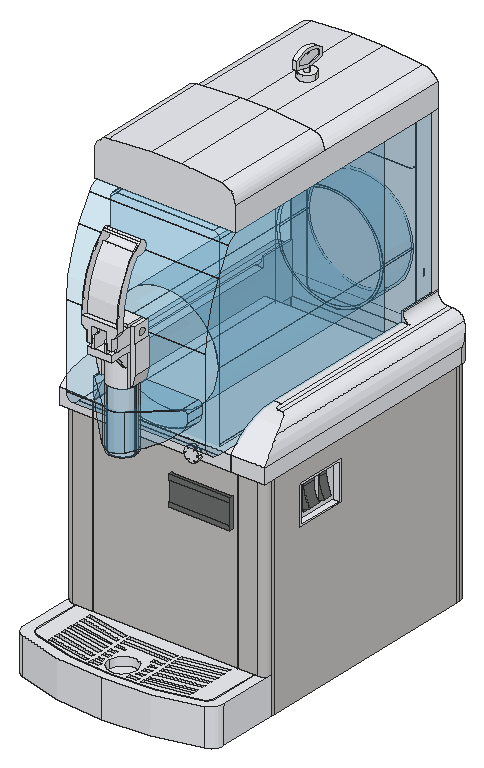
Revit family "QF_ELECTROLUXPROFESSIONAL_560096_SP1New", category Specialty Equipment, Revit 2018
Family settings
  Round Connector Dimension = Use Diameter
  Part Type = Normal
  Work Plane-Based = No
  Always vertical = Yes
  Cut with Voids When Loaded = No
  Shared = No
  Room Calculation Point = No
Parameters (values of type "Standard")
  Weight = 28.00 kg
  Watts = 0 W
  Volts = 220 V
  URL Manufacturer = "http://professional.electrolux.com"
  URL = "http://professional.electrolux.com"
  Steam Supply Size = 0 mm
  Steam Supply Minimum Pressure = 0.0 Pa
  Steam Supply Maximum Pressure = 0.0 Pa
  Steam Pounds per Hour = 0
  Refrigeration Suction Line Size = 0 mm
  Refrigeration Liquid Line Size = 0 mm
  Refrigerant Compressor Remote = yes
  Manufacturer = "Electrolux Professional"
  Phase = 1
  Model = "SP1New"
  Length Actual = 262 mm  # constant formula
  Item Number = "560096"
  Hot Water Size = 0 mm
  Height Actual = 613 mm  # constant formula
  HP = "0.5 HP"
  Gas Size = 0 mm
  Gas KW = 0
  Gas Input Pressure = 0 W
  Direct Waste Size = 0 mm
  Description = "1x5 LITERS BOWL - FROZEN GRANITA AND FROZEN CREAM DISPENSER -  1 INSULATED BOWL"
  Depth Actual = 429 mm  # constant formula
  Cycle = 50 Hz
  Condensate Return Size = 0 mm
  Compressed Air Volume = 0.0 L/s
  Compressed Air Size = 0 mm
  Compressed Air Pressure = 0.0 Pa
  Cold Water Size = 0 mm
  Accessory = yes
Reference planes
  plane 1 "Center (Front/Back)": y = 0
  plane 2 "BASE": z = 0
  plane 3 "Center (Left/Right)": x = 0
  plane 4 "FEET": z = 14
  plane 5 "BACK": y = 212
  plane 6 "LEFT": x = -131
  plane 7 "RIGHT": x = 131
  plane 8: y = 169
  plane 9: y = -118.5
  plane 10 "Erogatore": through (0, -232.305, 334.252) normal (0, -0.5736, 0.8192)
  plane 11: y = -81
  plane 12 "BackButton": z = 362.798
  plane 13 "SlopeBack": through (0, 294.5, 470.764) normal (0, 0.9659, 0.2588)
  plane 14 "TOP": z = 640
  plane 15 "FRONT": y = -216
Forms (mm)
  Extrusion 1, solid, material "QF_Finishes_Rubber Black"
    sketch origin (-29, 0, 0) x (1, 0, 0) y (0, 1, 0)
      loop
        circle (-71, 169) r 12.5
    from 0 to 3
  Blend 2, solid
    base sketch origin (-29, 0, 0) x (1, 0, 0) y (0, 1, 0)
      loop
        circle (-71, 169) r 15.5
    top sketch origin (-29, 0, 0) x (1, 0, 0) y (0, 1, 0)
      loop
        circle (-71, 169) r 17
    from 3 to 14
  Extrusion 3, solid, material "QF_Finishes_Rubber Black"
    sketch origin (171, 0, 0) x (1, 0, 0) y (0, 1, 0)
      loop
        circle (-71, 169) r 12.5
    from 0 to 3
  Blend 4, solid
    base sketch origin (171, 0, 0) x (1, 0, 0) y (0, 1, 0)
      loop
        circle (-71, 169) r 15.5
    top sketch origin (171, 0, 0) x (1, 0, 0) y (0, 1, 0)
      loop
        circle (-71, 169) r 17
    from 3 to 14
  Extrusion 5, solid, material "QF_Finishes_Rubber Black"
    sketch origin (171, -267.5, 0) x (1, 0, 0) y (0, 1, 0)
      loop
        circle (-71, 186.5) r 12.5
    from 0 to 3
  Blend 6, solid
    base sketch origin (171, -267.5, 0) x (1, 0, 0) y (0, 1, 0)
      loop
        circle (-71, 186.5) r 15.5
    top sketch origin (171, -267.5, 0) x (1, 0, 0) y (0, 1, 0)
      loop
        circle (-71, 186.5) r 17
    from 3 to 14
  Extrusion 7, solid, material "QF_Finishes_Rubber Black"
    sketch origin (-29, -267.5, 0) x (1, 0, 0) y (0, 1, 0)
      loop
        circle (-71, 186.5) r 12.5
    from 0 to 3
  Blend 8, solid
    base sketch origin (-29, -267.5, 0) x (1, 0, 0) y (0, 1, 0)
      loop
        circle (-71, 186.5) r 15.5
    top sketch origin (-29, -267.5, 0) x (1, 0, 0) y (0, 1, 0)
      loop
        circle (-71, 186.5) r 17
    from 3 to 14
  Extrusion 9, solid, material "Glass"
    sketch origin (0, 212, 0) x (-1, 0, 0) y (0, 0, 1)
      loop
        circle (0, 394.542) r 65
      loop
        circle (0, 394.542) r 68
    from -59.276 to -10
  Extrusion 10, solid, material "QF_Finishes_White"
    sketch origin (0.189, -212, -123.048) x (-1, 0, 0) y (0, 0, 1)
      loop
        line (41.631, 426.74) -> (42.799, 423.85)
        arc (42.799, 423.85) -> (41.998, 423.46) -> (41.26, 422.962) r 6.382
        line (41.26, 422.962) -> (39.342, 425.418)
        arc (39.342, 425.418) -> (36.964, 422.682) -> (35.784, 419.255) r 9.498
        line (35.784, 419.255) -> (38.87, 418.821)
        arc (38.87, 418.821) -> (38.808, 417.933) -> (38.87, 417.045) r 6.382
        line (38.87, 417.045) -> (35.784, 416.611)
        arc (35.784, 416.611) -> (36.964, 413.184) -> (39.342, 410.449) r 9.498
        line (39.342, 410.449) -> (41.26, 412.904)
        arc (41.26, 412.904) -> (41.998, 412.406) -> (42.799, 412.016) r 6.382
        line (42.799, 412.016) -> (41.631, 409.127)
        arc (41.631, 409.127) -> (45.189, 408.435) -> (48.747, 409.127) r 9.498
        line (48.747, 409.127) -> (47.58, 412.016)
        arc (47.58, 412.016) -> (48.38, 412.406) -> (49.118, 412.904) r 6.382
        line (49.118, 412.904) -> (51.037, 410.449)
        arc (51.037, 410.449) -> (53.415, 413.184) -> (54.595, 416.611) r 9.498
        line (54.595, 416.611) -> (51.509, 417.045)
        arc (51.509, 417.045) -> (51.571, 417.933) -> (51.509, 418.821) r 6.382
        line (51.509, 418.821) -> (54.595, 419.255)
        arc (54.595, 419.255) -> (53.415, 422.682) -> (51.037, 425.418) r 9.498
        line (51.037, 425.418) -> (49.118, 422.962)
        arc (49.118, 422.962) -> (48.38, 423.46) -> (47.58, 423.85) r 6.382
        line (47.58, 423.85) -> (48.747, 426.74)
        arc (48.747, 426.74) -> (45.189, 427.431) -> (41.631, 426.74) r 9.498
    from 86.951 to 91.847
  Extrusion 11, solid, material "QF_Finishes_White"
    sketch origin (0, 48.357, 801) x (-1, 0, 0) y (0, -1, 0)
      loop
        circle (0, 226.958) r 15.5
    from -371.98 to -493
  Extrusion 12, solid, material "Glass"
    sketch origin (0, 48.357, 801) x (-1, 0, 0) y (0, -1, 0)
      loop
        circle (0, 226.958) r 18
      loop
        circle (0, 226.958) r 16
    from -413.102 to -493
  Extrusion 13, solid, material "QF_Finishes_White"
    sketch origin (0, 48.357, 801) x (-1, 0, 0) y (0, -1, 0)
      loop
        arc (-15.227, 216.452) -> (0, 208.458) -> (15.227, 216.452) r 18.5
        line (15.227, 216.452) -> (15.227, 237.464)
        arc (15.227, 237.464) -> (0, 245.458) -> (-15.227, 237.464) r 18.5
        line (-15.227, 237.464) -> (-15.227, 216.452)
    from -371.98 to -413.102
  Extrusion 14, solid, material "QF_Finishes_White"
    sketch origin (0, 55.382, 805.556) x (-1, 0, 0) y (0, -1, 0)
      loop
        line (15.227, 271.382) -> (-15.227, 271.382) -> (-15.227, 213.658) -> (15.227, 213.658) -> (15.227, 271.382)
    from -368.017 to -376.536
  Extrusion 15, solid, material "QF_Finishes_White"
    sketch origin (0, 53.382, -125.444) x (0, 1, 0) y (0, 0, 1)
      loop
        line (-261.382, 594.51) -> (-261.382, 596.294)
        arc (-261.382, 596.294) -> (-255.05, 633.384) -> (-236.771, 666.272) r 111.793
        arc (-236.771, 666.272) -> (-224.219, 671.737) -> (-234.339, 680.956) r 8.155
        arc (-234.339, 680.956) -> (-260.275, 642.108) -> (-269.382, 596.294) r 119.793
        line (-269.382, 596.294) -> (-269.382, 594.51) -> (-261.382, 594.51)
    from 23.02 to -23.02
  Extrusion 16, void
    sketch origin (0, -212, -130.102) x (-1, 0, 0) y (0, 0, 1)
      loop
        line (-23.02, 594.51) -> (-23.02, 567.641) -> (-15.227, 567.641) -> (-15.227, 586.659)
        arc (-15.227, 586.659) -> (-20.449, 589.269) -> (-23.02, 594.51) r 9.122
      loop
        arc (23.02, 594.51) -> (20.449, 589.269) -> (15.227, 586.659) r 9.122
        line (15.227, 586.659) -> (15.227, 567.641) -> (23.02, 567.641) -> (23.02, 594.51)
      loop
        line (-10.018, 592.641) -> (-10.018, 567.641) -> (9.982, 567.641) -> (9.982, 592.641) -> (-10.018, 592.641)
    from 4 to -4
  Extrusion 17, void
    sketch origin (0, 53.382, -125.444) x (0, 1, 0) y (0, 0, 1)
      loop
        arc (-238.506, 676.569) -> (-261.397, 639.298) -> (-269.382, 596.294) r 119.793
        line (-269.382, 596.294) -> (-262.382, 596.294)
        arc (-262.382, 596.294) -> (-255.831, 634.173) -> (-236.94, 667.653) r 112.793
        arc (-236.94, 667.653) -> (-225.218, 674.307) -> (-238.506, 676.569) r 7.155
    from 22 to -22
  Extrusion 18, solid, material "QF_Finishes_White"
    sketch origin (-131, 53.382, -125.444) x (0, 1, 0) y (0, 0, 1)
      loop
        line (-261.382, 596.294) -> (-269.382, 596.294) -> (-269.382, 567.641) -> (-261.382, 567.641) -> (-261.382, 596.294)
    from 154.02 to 107.98
  Extrusion 19, solid, material "QF_Finishes_White"
    sketch origin (-131, 55.382, -130.102) x (0, 1, 0) y (0, 0, 1)
      loop
        line (-263.382, 567.641) -> (-223.382, 567.641) -> (-223.382, 587.641) -> (-256.513, 587.641)
        arc (-256.513, 587.641) -> (-261.37, 589.653) -> (-263.382, 594.51) r 6.869
        line (-263.382, 594.51) -> (-263.382, 567.641)
    from 115.773 to 107.98
  Extrusion 20, solid, material "QF_Finishes_White"
    sketch origin (-131, 55.382, -130.102) x (0, 1, 0) y (0, 0, 1)
      loop
        line (-263.382, 567.641) -> (-224.483, 567.641) -> (-224.483, 587.641) -> (-256.513, 587.641)
        arc (-256.513, 587.641) -> (-261.37, 589.653) -> (-263.382, 594.51) r 6.869
        line (-263.382, 594.51) -> (-263.382, 567.641)
    from 115.773 to 121.018
  Extrusion 21, solid, material "QF_Finishes_White"
    sketch origin (-131, 55.382, -125.444) x (0, 1, 0) y (0, 0, 1)
      loop
        line (-248.575, 539.464) -> (-246.902, 539.464) -> (-246.902, 554.464) -> (-261.615, 554.464) -> (-248.575, 539.464)
    from 115.773 to 118.85
  Extrusion 22, solid, material "QF_Finishes_White"
    sketch origin (-131, 55.382, -125.444) x (0, 1, 0) y (0, 0, 1)
      loop
        line (-246.902, 554.464) -> (-261.615, 554.464) -> (-248.575, 539.464) -> (-246.902, 539.464) -> (-246.902, 554.464)
    from 143.221 to 146.227
  Extrusion 23, solid, material "QF_Finishes_White"
    sketch origin (-131, 55.382, -125.444) x (0, 1, 0) y (0, 0, 1)
      loop
        line (-263.382, 562.983) -> (-224.483, 562.983) -> (-224.483, 582.983) -> (-256.513, 582.983)
        arc (-256.513, 582.983) -> (-261.37, 584.995) -> (-263.382, 589.852) r 6.869
        line (-263.382, 589.852) -> (-263.382, 562.983)
    from 141.018 to 146.227
  Extrusion 24, solid, material "QF_Finishes_White"
    sketch origin (-131, 53.382, -130.102) x (0, 1, 0) y (0, 0, 1)
      loop
        line (-269.382, 567.641) -> (-221.382, 567.641) -> (-221.382, 586.659) -> (-258.382, 586.659)
        arc (-258.382, 586.659) -> (-260.503, 585.78) -> (-261.382, 583.659) r 3
        line (-261.382, 583.659) -> (-261.382, 582.15) -> (-266.382, 582.15)
        arc (-266.382, 582.15) -> (-268.503, 581.271) -> (-269.382, 579.15) r 3
        line (-269.382, 579.15) -> (-269.382, 567.641)
    from 124.546 to 121.018
  Extrusion 25, solid, material "QF_Finishes_White"
    sketch origin (-131, 65.803, -125.444) x (0, 1, 0) y (0, 0, 1)
      loop
        line (-281.803, 562.983) -> (-234.904, 562.983) -> (-234.904, 582.001) -> (-270.803, 582.001)
        arc (-270.803, 582.001) -> (-272.924, 581.122) -> (-273.803, 579.001) r 3
        line (-273.803, 579.001) -> (-273.803, 577.492) -> (-278.803, 577.492)
        arc (-278.803, 577.492) -> (-280.924, 576.613) -> (-281.803, 574.492) r 3
        line (-281.803, 574.492) -> (-281.803, 562.983)
    from 137.49 to 141.018
  Extrusion 26, solid, material "QF_Finishes_White"
    sketch origin (0, -212, -125.444) x (-1, 0, 0) y (0, 0, 1)
      loop
        line (-18, 517.898) -> (-18, 586.659) -> (-23.482, 586.659) -> (-23.482, 567.641) -> (-24.969, 567.641) -> (-24.969, 530.88) -> (-21, 517.898) -> (-18, 517.898)
      loop
        line (18, 517.898) -> (21, 517.898) -> (24.969, 530.88) -> (24.969, 567.641) -> (23.482, 567.641) -> (23.482, 586.659) -> (18, 586.659) -> (18, 517.898)
    from 43.905 to 22.893
  Extrusion 27, solid, material "QF_Finishes_White"
    sketch origin (0, 65.803, 805.556) x (-1, 0, 0) y (0, -1, 0)
      loop
        line (-15.227, 254.91) -> (-15.227, 233.898) -> (15.227, 233.898) -> (15.227, 254.91) -> (-15.227, 254.91)
    from -344.341 to -348.017
  Extrusion 28, void
    sketch origin (0, 56.778, -130) x (0, 1, 0) y (0, 0, 1)
      loop
        circle (-234.353, 582.005) r 3.978
    from 24.969 to -24.969
  Extrusion 29, solid, material "QF_Finishes_Stainless Steel"
    sketch origin (0, 56.226, -130) x (0, 1, 0) y (0, 0, 1)
      loop
        circle (-234.353, 582.005) r 3.978
    from 24 to -24
  Extrusion 30, solid, material "QF_Finishes_Stainless Steel"
    sketch origin (140, 25, 14) x (-1, 0, 0) y (0, -1, 0)
      loop
        circle (71, 81) r 10
    from 0 to -10
  Extrusion 31, void
    sketch origin (0, 240.916, -140) x (0, 0, 1) y (-1, 0, 0)
      loop
        line (496.312, -81.169) -> (519.521, -81.169)
        arc (519.521, -81.169) -> (523.021, -77.669) -> (519.521, -74.169) r 3.5
        line (519.521, -74.169) -> (496.312, -74.169)
        arc (496.312, -74.169) -> (492.812, -77.669) -> (496.312, -81.169) r 3.5
    from 28.916 to 38.079
  Extrusion 32, solid, material "QF_Finishes_Red"
    sketch origin (0, 240.916, -140) x (0, 0, 1) y (-1, 0, 0)
      loop
        line (507.945, -79.669) -> (517.521, -79.669) -> (517.521, -75.669) -> (507.945, -75.669) -> (507.945, -79.669)
    from 32.664 to 38.079
  Extrusion 33, solid, material "QF_Finishes_Stainless Steel"
    sketch origin (131, 0, 0) x (0, -1, 0) y (0, 0, 1)
      loop
        line (-195.256, 14) -> (96.764, 14) -> (96.764, 286) -> (-195.256, 286) -> (-195.256, 14)
      loop
        line (55.71, 260.287) -> (-9.29, 260.287) -> (-9.29, 210.287) -> (55.71, 210.287) -> (55.71, 260.287)
    from 6 to 3
  Extrusion 34, solid, material "QF_Finishes_Stainless Steel"
    sketch origin (-133, 0, 0) x (0, -1, 0) y (0, 0, -1)
      loop
        line (-195.256, -14) -> (-195.256, -286) -> (96.764, -286) -> (96.764, -14) -> (-195.256, -14)
    from 8 to 5
  Extrusion 35, solid, material "QF_Finishes_Stainless Steel"
    sketch origin (0, 0, 14) x (-1, 0, 0) y (0, -1, 0)
      loop
        line (-128, 100.829) -> (-128, 96.764) -> (-125, 96.764) -> (-125, 100.829)
        arc (-125, 100.829) -> (-122.95, 105.778) -> (-118, 107.829) r 7
        line (-118, 107.829) -> (-93.157, 107.829) -> (-93.157, 110.829) -> (-118, 110.829)
        arc (-118, 110.829) -> (-125.071, 107.9) -> (-128, 100.829) r 10
    from 0 to 272
  Extrusion 36, solid, material "QF_Finishes_Stainless Steel"
    sketch origin (0, 0, 14) x (1, 0, 0) y (0, 1, 0)
      loop
        arc (-128, -100.829) -> (-125.071, -107.9) -> (-118, -110.829) r 10
        line (-118, -110.829) -> (-93.157, -110.829) -> (-93.157, -107.829) -> (-118, -107.829)
        arc (-118, -107.829) -> (-122.95, -105.778) -> (-125, -100.829) r 7
        line (-125, -100.829) -> (-125, -96.764) -> (-128, -96.764) -> (-128, -100.829)
    from 0 to 272
  Extrusion 37, solid, material "QF_Finishes_Stainless Steel"
    sketch origin (0, 98.492, 14) x (-1, 0, 0) y (0, -1, 0)
      loop
        arc (-128, -100.829) -> (-125.071, -107.9) -> (-118, -110.829) r 10
        line (-118, -110.829) -> (-93.157, -110.829) -> (-93.157, -107.829) -> (-118, -107.829)
        arc (-118, -107.829) -> (-122.95, -105.778) -> (-125, -100.829) r 7
        line (-125, -100.829) -> (-125, -96.764) -> (-128, -96.764) -> (-128, -100.829)
    from 0 to 272
  Extrusion 38, solid, material "QF_Finishes_Stainless Steel"
    sketch origin (0, 98.492, 14) x (1, 0, 0) y (0, 1, 0)
      loop
        line (-128, 100.829) -> (-128, 96.764) -> (-125, 96.764) -> (-125, 100.829)
        arc (-125, 100.829) -> (-122.95, 105.778) -> (-118, 107.829) r 7
        line (-118, 107.829) -> (-93.157, 107.829) -> (-93.157, 110.829) -> (-118, 110.829)
        arc (-118, 110.829) -> (-125.071, 107.9) -> (-128, 100.829) r 10
    from 0 to 272
  Extrusion 39, solid, material "QF_Finishes_White"
    sketch origin (0, 0, 14) x (-1, 0, 0) y (0, -1, 0)
      loop
        line (93.157, -209.321) -> (93.157, -206.321) -> (-93.157, -206.321) -> (-93.157, -209.321) -> (93.157, -209.321)
    from 0 to 272
  Extrusion 40, solid, material "QF_Finishes_Stainless Steel"
    sketch origin (0, 0, 14) x (-1, 0, 0) y (0, -1, 0)
      loop
        line (93.157, 107.829) -> (93.157, 110.829) -> (-93.157, 110.829) -> (-93.157, 107.829) -> (93.157, 107.829)
    from 0 to 272
  Extrusion 41, solid, material "QF_Finishes_White"
    sketch origin (0, 212, 0) x (-1, 0, 0) y (0, 0, 1)
      loop
        line (-88, 286) -> (-88, 351) -> (-90.028, 351) -> (-90.028, 349.598)
        arc (-90.028, 349.598) -> (-93.627, 340.909) -> (-102.317, 337.309) r 12.289
        line (-102.317, 337.309) -> (-109.296, 337.309)
        arc (-109.296, 337.309) -> (-117.695, 334.961) -> (-123.658, 328.597) r 16.194
        arc (-123.658, 328.597) -> (-129.118, 317.88) -> (-131, 306) r 38.445
        line (-131, 306) -> (-131, 286) -> (-88, 286)
      loop
        line (88, 286) -> (131, 286) -> (131, 306)
        arc (131, 306) -> (129.118, 317.88) -> (123.658, 328.597) r 38.445
        arc (123.658, 328.597) -> (117.695, 334.961) -> (109.296, 337.309) r 16.194
        line (109.296, 337.309) -> (102.317, 337.309)
        arc (102.317, 337.309) -> (93.627, 340.909) -> (90.028, 349.598) r 12.289
        line (90.028, 349.598) -> (90.028, 351) -> (88, 351) -> (88, 286)
    from 0 to -327.977
  Extrusion 42, void
    sketch origin (0, 0, 0) x (0, 1, 0) y (0, 0, 1)
      loop
        line (157, 351) -> (-115.977, 351) -> (-115.977, 306)
        arc (-115.977, 306) -> (-85.566, 329.6) -> (-48, 338) r 88.201
        line (-48, 338) -> (157, 338) -> (157, 351)
    from -135 to 135
  Extrusion 43, solid, material "Glass"
    sketch origin (0, 212, 0) x (-1, 0, 0) y (0, 0, 1)
      loop
        circle (0, 394.542) r 68
      loop
        line (69.972, 309) -> (69.972, 543)
        arc (69.972, 543) -> (67.629, 548.657) -> (61.972, 551) r 8
        line (61.972, 551) -> (-62.028, 551)
        arc (-62.028, 551) -> (-67.685, 548.657) -> (-70.028, 543) r 8
        line (-70.028, 543) -> (-70.028, 308.956)
        arc (-70.028, 308.956) -> (-67.698, 303.33) -> (-62.072, 301) r 7.956
        line (-62.072, 301) -> (61.972, 301)
        arc (61.972, 301) -> (67.629, 303.343) -> (69.972, 309) r 8
    from -59.276 to -322.829
  Extrusion 44, solid, material "QF_Finishes_White"
    sketch origin (0, 212, 0) x (-1, 0, 0) y (0, 0, 1)
      loop
        line (90.028, 558.048) -> (90.028, 589.456)
        arc (90.028, 589.456) -> (84.981, 602.738) -> (72.387, 609.316) r 20
        arc (72.387, 609.316) -> (44.744, 611.967) -> (17.01, 613.364) r 613.713
        arc (17.01, 613.364) -> (-1.88, 613.597) -> (-20.769, 613.248) r 613.713
        arc (-20.769, 613.248) -> (-46.619, 611.827) -> (-72.387, 609.316) r 613.713
        arc (-72.387, 609.316) -> (-84.981, 602.738) -> (-90.028, 589.456) r 20
        line (-90.028, 589.456) -> (-90.028, 558.048) -> (90.028, 558.048)
    from -323 to 0
  Extrusion 45, solid, material "QF_Finishes_White"
    sketch origin (0, -212, 0) x (-1, 0, 0) y (0, 0, 1)
      loop
        line (88, 306) -> (-88, 306) -> (-88, 286) -> (88, 286) -> (88, 306)
    from 96.023 to 369
  Extrusion 46, solid, material "QF_Finishes_White"
    sketch origin (-0.189, -212, -123.048) x (1, 0, 0) y (0, 0, -1)
      loop
        arc (41.631, -426.74) -> (45.189, -427.431) -> (48.747, -426.74) r 9.498
        line (48.747, -426.74) -> (47.58, -423.85)
        arc (47.58, -423.85) -> (48.38, -423.46) -> (49.118, -422.962) r 6.382
        line (49.118, -422.962) -> (51.037, -425.418)
        arc (51.037, -425.418) -> (53.415, -422.682) -> (54.595, -419.255) r 9.498
        line (54.595, -419.255) -> (51.509, -418.821)
        arc (51.509, -418.821) -> (51.571, -417.933) -> (51.509, -417.045) r 6.382
        line (51.509, -417.045) -> (54.595, -416.611)
        arc (54.595, -416.611) -> (53.415, -413.184) -> (51.037, -410.449) r 9.498
        line (51.037, -410.449) -> (49.118, -412.904)
        arc (49.118, -412.904) -> (48.38, -412.406) -> (47.58, -412.016) r 6.382
        line (47.58, -412.016) -> (48.747, -409.127)
        arc (48.747, -409.127) -> (45.189, -408.435) -> (41.631, -409.127) r 9.498
        line (41.631, -409.127) -> (42.799, -412.016)
        arc (42.799, -412.016) -> (41.998, -412.406) -> (41.26, -412.904) r 6.382
        line (41.26, -412.904) -> (39.342, -410.449)
        arc (39.342, -410.449) -> (36.964, -413.184) -> (35.784, -416.611) r 9.498
        line (35.784, -416.611) -> (38.87, -417.045)
        arc (38.87, -417.045) -> (38.808, -417.933) -> (38.87, -418.821) r 6.382
        line (38.87, -418.821) -> (35.784, -419.255)
        arc (35.784, -419.255) -> (36.964, -422.682) -> (39.342, -425.418) r 9.498
        line (39.342, -425.418) -> (41.26, -422.962)
        arc (41.26, -422.962) -> (41.998, -423.46) -> (42.799, -423.85) r 6.382
        line (42.799, -423.85) -> (41.631, -426.74)
    from 86.951 to 91.847
  Extrusion 47, solid, material "QF_Finishes_Rubber Black"
    sketch origin (0, 0, 0) x (0, 1, 0) y (0, 0, 1)
      loop
        line (-110.829, 255.595) -> (-115.977, 255.595) -> (-115.977, 249.595) -> (-115.179, 249.595) -> (-115.179, 223.805) -> (-115.977, 223.805) -> (-115.977, 217.805) -> (-110.829, 217.805) -> (-110.829, 255.595)
    from 8.945 to 86.168
  Extrusion 48, solid, material "QF_Finishes_White"
    sketch origin (0, 0, 14) x (-1, 0, 0) y (0, -1, 0)
      loop
        line (128, 100.829) -> (128, 176.764)
        arc (128, 176.764) -> (124.847, 186.764) -> (116.528, 193.147) r 17.434
        arc (116.528, 193.147) -> (59.156, 208.086) -> (0, 212) r 314.7
        arc (0, 212) -> (-59.156, 208.086) -> (-116.528, 193.147) r 314.7
        arc (-116.528, 193.147) -> (-124.847, 186.764) -> (-128, 176.764) r 17.434
        line (-128, 176.764) -> (-128, 100.829)
        arc (-128, 100.829) -> (-125.071, 107.9) -> (-118, 110.829) r 10
        line (-118, 110.829) -> (-114, 110.829) -> (-114, 172.813)
        arc (-114, 172.813) -> (-111.75, 179.808) -> (-105.843, 184.18) r 12
        arc (-105.843, 184.18) -> (-53.626, 196.802) -> (0, 199.995) r 302.7
        arc (0, 199.995) -> (53.626, 196.802) -> (105.843, 184.18) r 302.7
        arc (105.843, 184.18) -> (111.75, 179.808) -> (114, 172.813) r 12
        line (114, 172.813) -> (114, 110.829) -> (118, 110.829)
        arc (118, 110.829) -> (125.071, 107.9) -> (128, 100.829) r 10
    from 0 to 47
  Extrusion 49, solid, material "QF_Finishes_White"
    sketch origin (0, 0, 14) x (-1, 0, 0) y (0, -1, 0)
      loop
        arc (114, 172.813) -> (111.75, 179.808) -> (105.843, 184.18) r 12
        arc (105.843, 184.18) -> (53.626, 196.802) -> (0, 199.995) r 302.7
        arc (0, 199.995) -> (-53.626, 196.802) -> (-105.843, 184.18) r 302.7
        arc (-105.843, 184.18) -> (-111.75, 179.808) -> (-114, 172.813) r 12
        line (-114, 172.813) -> (-114, 110.829) -> (114, 110.829) -> (114, 172.813)
    from 36.6 to 47
  Extrusion 50, solid, material "QF_Finishes_White"
    sketch origin (0, 0, 14) x (-1, 0, 0) y (0, -1, 0)
      loop
        arc (114, 172.813) -> (111.75, 179.808) -> (105.843, 184.18) r 12
        arc (105.843, 184.18) -> (53.626, 196.802) -> (0, 199.995) r 302.7
        arc (0, 199.995) -> (-53.626, 196.802) -> (-105.843, 184.18) r 302.7
        arc (-105.843, 184.18) -> (-111.75, 179.808) -> (-114, 172.813) r 12
        line (-114, 172.813) -> (-114, 110.829) -> (114, 110.829) -> (114, 172.813)
    from 0 to 10
  Extrusion 51, void
    sketch origin (0, 0, 14) x (-1, 0, 0) y (0, -1, 0)
      loop
        circle (0, 178.601) r 18.039
      loop
        line (35.093, 193.971) -> (35.093, 188.951)
        arc (35.093, 188.951) -> (62.934, 185.094) -> (90.277, 178.584) r 292.7
        line (90.277, 178.584) -> (90.277, 183.786)
        arc (90.277, 183.786) -> (62.925, 190.182) -> (35.093, 193.971) r 297.7
      loop
        line (35.093, 183.971) -> (35.093, 178.951)
        arc (35.093, 178.951) -> (62.934, 175.094) -> (90.277, 168.584) r 292.7
        line (90.277, 168.584) -> (90.277, 173.786)
        arc (90.277, 173.786) -> (62.925, 180.182) -> (35.093, 183.971) r 297.7
      loop
        line (35.093, 173.971) -> (35.093, 168.951)
        arc (35.093, 168.951) -> (62.934, 165.094) -> (90.277, 158.584) r 292.7
        line (90.277, 158.584) -> (90.277, 163.786)
        arc (90.277, 163.786) -> (62.925, 170.182) -> (35.093, 173.971) r 297.7
      loop
        line (35.093, 163.971) -> (35.093, 158.951)
        arc (35.093, 158.951) -> (62.934, 155.094) -> (90.277, 148.584) r 292.7
        line (90.277, 148.584) -> (90.277, 153.786)
        arc (90.277, 153.786) -> (62.925, 160.182) -> (35.093, 163.971) r 297.7
      loop
        line (35.093, 153.971) -> (35.093, 148.951)
        arc (35.093, 148.951) -> (62.934, 145.094) -> (90.277, 138.584) r 292.7
        line (90.277, 138.584) -> (90.277, 143.786)
        arc (90.277, 143.786) -> (62.925, 150.182) -> (35.093, 153.971) r 297.7
      loop
        line (35.093, 143.971) -> (35.093, 138.951)
        arc (35.093, 138.951) -> (62.934, 135.094) -> (90.277, 128.584) r 292.7
        line (90.277, 128.584) -> (90.277, 133.786)
        arc (90.277, 133.786) -> (62.925, 140.182) -> (35.093, 143.971) r 297.7
      loop
        line (35.093, 133.971) -> (35.093, 128.951)
        arc (35.093, 128.951) -> (62.934, 125.094) -> (90.277, 118.584) r 292.7
        line (90.277, 118.584) -> (90.277, 123.786)
        arc (90.277, 123.786) -> (62.925, 130.182) -> (35.093, 133.971) r 297.7
      loop
        arc (-35.093, 193.971) -> (-62.925, 190.182) -> (-90.277, 183.786) r 297.7
        line (-90.277, 183.786) -> (-90.277, 178.584)
        arc (-90.277, 178.584) -> (-62.934, 185.094) -> (-35.093, 188.951) r 292.7
        line (-35.093, 188.951) -> (-35.093, 193.971)
      loop
        arc (-35.093, 183.971) -> (-62.925, 180.182) -> (-90.277, 173.786) r 297.7
        line (-90.277, 173.786) -> (-90.277, 168.584)
        arc (-90.277, 168.584) -> (-62.934, 175.094) -> (-35.093, 178.951) r 292.7
        line (-35.093, 178.951) -> (-35.093, 183.971)
      loop
        arc (-35.093, 173.971) -> (-62.925, 170.182) -> (-90.277, 163.786) r 297.7
        line (-90.277, 163.786) -> (-90.277, 158.584)
        arc (-90.277, 158.584) -> (-62.934, 165.094) -> (-35.093, 168.951) r 292.7
        line (-35.093, 168.951) -> (-35.093, 173.971)
      loop
        arc (-35.093, 163.971) -> (-62.925, 160.182) -> (-90.277, 153.786) r 297.7
        line (-90.277, 153.786) -> (-90.277, 148.584)
        arc (-90.277, 148.584) -> (-62.934, 155.094) -> (-35.093, 158.951) r 292.7
        line (-35.093, 158.951) -> (-35.093, 163.971)
      loop
        arc (-35.093, 153.971) -> (-62.925, 150.182) -> (-90.277, 143.786) r 297.7
        line (-90.277, 143.786) -> (-90.277, 138.584)
        arc (-90.277, 138.584) -> (-62.934, 145.094) -> (-35.093, 148.951) r 292.7
        line (-35.093, 148.951) -> (-35.093, 153.971)
      loop
        arc (-35.093, 143.971) -> (-62.925, 140.182) -> (-90.277, 133.786) r 297.7
        line (-90.277, 133.786) -> (-90.277, 128.584)
        arc (-90.277, 128.584) -> (-62.934, 135.094) -> (-35.093, 138.951) r 292.7
        line (-35.093, 138.951) -> (-35.093, 143.971)
      loop
        arc (-35.093, 133.971) -> (-62.925, 130.182) -> (-90.277, 123.786) r 297.7
        line (-90.277, 123.786) -> (-90.277, 118.584)
        arc (-90.277, 118.584) -> (-62.934, 125.094) -> (-35.093, 128.951) r 292.7
        line (-35.093, 128.951) -> (-35.093, 133.971)
      loop
        arc (30.3, 194.288) -> (24.151, 194.546) -> (18, 194.745) r 649.216
        line (18, 194.745) -> (18, 189.743)
        arc (18, 189.743) -> (24.151, 189.542) -> (30.3, 189.282) r 644.216
        line (30.3, 189.282) -> (30.3, 194.288)
      loop
        line (-30.3, 194.288) -> (-30.3, 189.282)
        arc (-30.3, 189.282) -> (-24.151, 189.542) -> (-18, 189.743) r 644.216
        line (-18, 189.743) -> (-18, 194.745)
        arc (-18, 194.745) -> (-24.151, 194.546) -> (-30.3, 194.288) r 649.216
      loop
        arc (30.3, 184.288) -> (25.651, 184.488) -> (21, 184.655) r 649.216
        line (21, 184.655) -> (21, 179.653)
        arc (21, 179.653) -> (25.651, 179.484) -> (30.3, 179.282) r 644.216
        line (30.3, 179.282) -> (30.3, 184.288)
      loop
        arc (30.3, 174.288) -> (25.651, 174.488) -> (21, 174.655) r 649.216
        line (21, 174.655) -> (21, 169.653)
        arc (21, 169.653) -> (25.651, 169.484) -> (30.3, 169.282) r 644.216
        line (30.3, 169.282) -> (30.3, 174.288)
      loop
        arc (30.3, 164.288) -> (25.651, 164.488) -> (21, 164.655) r 649.216
        line (21, 164.655) -> (21, 159.653)
        arc (21, 159.653) -> (25.651, 159.484) -> (30.3, 159.282) r 644.216
        line (30.3, 159.282) -> (30.3, 164.288)
      loop
        arc (30.3, 154.288) -> (23.411, 154.573) -> (16.519, 154.785) r 649.216
        line (16.519, 154.785) -> (16.519, 149.783)
        arc (16.519, 149.783) -> (23.411, 149.569) -> (30.3, 149.282) r 644.216
        line (30.3, 149.282) -> (30.3, 154.288)
      loop
        arc (30.3, 144.288) -> (0, 144.995) -> (-30.3, 144.288) r 649.216
        line (-30.3, 144.288) -> (-30.3, 139.282)
        arc (-30.3, 139.282) -> (0, 139.995) -> (30.3, 139.282) r 644.216
        line (30.3, 139.282) -> (30.3, 144.288)
      loop
        arc (30.3, 134.288) -> (0, 134.995) -> (-30.3, 134.288) r 649.216
        line (-30.3, 134.288) -> (-30.3, 129.282)
        arc (-30.3, 129.282) -> (0, 129.995) -> (30.3, 129.282) r 644.216
        line (30.3, 129.282) -> (30.3, 134.288)
      loop
        line (-30.3, 184.288) -> (-30.3, 179.282)
        arc (-30.3, 179.282) -> (-25.651, 179.484) -> (-21, 179.653) r 644.216
        line (-21, 179.653) -> (-21, 184.655)
        arc (-21, 184.655) -> (-25.651, 184.488) -> (-30.3, 184.288) r 649.216
      loop
        line (-30.3, 174.288) -> (-30.3, 169.282)
        arc (-30.3, 169.282) -> (-25.651, 169.484) -> (-21, 169.653) r 644.216
        line (-21, 169.653) -> (-21, 174.655)
        arc (-21, 174.655) -> (-25.651, 174.488) -> (-30.3, 174.288) r 649.216
      loop
        line (-30.3, 164.288) -> (-30.3, 159.282)
        arc (-30.3, 159.282) -> (-25.651, 159.484) -> (-21, 159.653) r 644.216
        line (-21, 159.653) -> (-21, 164.655)
        arc (-21, 164.655) -> (-25.651, 164.488) -> (-30.3, 164.288) r 649.216
      loop
        line (-30.3, 154.288) -> (-30.3, 149.282)
        arc (-30.3, 149.282) -> (-23.411, 149.569) -> (-16.519, 149.783) r 644.216
        line (-16.519, 149.783) -> (-16.519, 154.785)
        arc (-16.519, 154.785) -> (-23.411, 154.573) -> (-30.3, 154.288) r 649.216
    from 31.525 to 49.806
  Extrusion 52, solid, material "QF_Finishes_White"
    sketch origin (0, 0, 0) x (0, 1, 0) y (0, 0, 1)
      loop
        line (-55.71, 260.287) -> (-55.71, 210.287) -> (9.29, 210.287) -> (9.29, 260.287) -> (-55.71, 260.287)
    from 118 to 128
  Extrusion 53, void
    sketch origin (0, 0, 0) x (0, 1, 0) y (0, 0, 1)
      loop
        line (-53.71, 258.287) -> (-53.71, 212.287) -> (7.29, 212.287) -> (7.29, 258.287) -> (-53.71, 258.287)
    from 120 to 128
  Extrusion 54, solid, material "QF_Finishes_Rubber Black"
    sketch origin (0, -212, 0) x (-1, 0, 0) y (0, 0, 1)
      loop
        line (-120, 252.561) -> (-122.245, 252.561) -> (-122.245, 249.661)
        arc (-122.245, 249.661) -> (-124.002, 237.136) -> (-129.137, 225.577) r 45.529
        line (-129.137, 225.577) -> (-122.245, 222.509) -> (-122.245, 220.4) -> (-120, 220.4) -> (-120, 252.561)
    from 185 to 170
  Extrusion 55, solid, material "QF_Finishes_Rubber Black"
    sketch origin (0, -212, 0) x (-1, 0, 0) y (0, 0, 1)
      loop
        line (-120, 252.561) -> (-122.245, 252.561) -> (-122.245, 249.661)
        arc (-122.245, 249.661) -> (-124.002, 237.136) -> (-129.137, 225.577) r 45.529
        line (-129.137, 225.577) -> (-122.245, 222.509) -> (-122.245, 220.4) -> (-120, 220.4) -> (-120, 252.561)
    from 205 to 195
  Extrusion 56, solid, material "QF_Finishes_White"
    sketch origin (-131, 55.382, -125.444) x (0, 1, 0) y (0, 0, 1)
      loop
        line (-261.615, 554.464) -> (-248.575, 539.464) -> (-246.902, 539.464) -> (-246.902, 554.464) -> (-261.615, 554.464)
    from 143.221 to 146.227
  Extrusion 57, void
    sketch origin (0, 0, 14) x (-1, 0, 0) y (0, -1, 0)
      loop
        line (68.799, 141.983) -> (68.799, 216) -> (-68.799, 216) -> (-68.799, 141.983) -> (-14.053, 193.527)
        arc (-14.053, 193.527) -> (0, 199.101) -> (14.053, 193.527) r 20.5
        line (14.053, 193.527) -> (68.799, 141.983)
    from 285.914 to 353.792
  Extrusion 58, solid, material "Glass"
    sketch origin (0, -212, 0) x (-1, 0, 0) y (0, 0, 1)
      loop
        line (55, 361.368) -> (-55, 361.368)
        arc (-55, 361.368) -> (-58.536, 359.903) -> (-60, 356.368) r 5
        line (-60, 356.368) -> (-60, 346.588)
        arc (-60, 346.588) -> (-58.765, 340.628) -> (-55.264, 335.649) r 15
        arc (-55.264, 335.649) -> (0, 313.78) -> (55.264, 335.649) r 80.762
        arc (55.264, 335.649) -> (58.765, 340.628) -> (60, 346.588) r 15
        line (60, 346.588) -> (60, 356.368)
        arc (60, 356.368) -> (58.536, 359.903) -> (55, 361.368) r 5
    from 85.6 to 6.421
  Extrusion 59, solid, material "QF_Finishes_White"
    sketch origin (0.031, 16.704, -263) x (0, 1, 0) y (0, 0, 1)
      loop
        line (99.092, 881.377) -> (118.655, 885.535) -> (118.655, 895.535)
        arc (118.655, 895.535) -> (99.092, 903) -> (79.529, 895.535) r 29.367
        line (79.529, 895.535) -> (79.529, 885.535) -> (99.092, 881.377)
      loop
        arc (115.655, 894.149) -> (99.092, 900) -> (82.529, 894.149) r 26.367
        line (82.529, 894.149) -> (82.529, 887.965) -> (99.092, 884.444) -> (115.655, 887.965) -> (115.655, 894.149)
    from -3 to 3
  Extrusion 60, solid, material "QF_Finishes_White"
    sketch origin (0.031, 16.704, -263) x (0, 1, 0) y (0, 0, 1)
      loop
        line (115.655, 887.965) -> (115.655, 894.149)
        arc (115.655, 894.149) -> (99.092, 900) -> (82.529, 894.149) r 26.367
        line (82.529, 894.149) -> (82.529, 887.965) -> (99.092, 884.444) -> (115.655, 887.965)
      loop
        circle (99.092, 896.274) r 2.509
    from 1 to -1
  Extrusion 61, solid, material "QF_Finishes_White"
    sketch origin (0.031, 16.704, 667) x (-1, 0, 0) y (0, -1, 0)
      loop
        circle (0, -99.092) r 3
    from -45.737 to -54.525
  Extrusion 62, solid, material "QF_Finishes_White"
    sketch origin (0, -70, 0) x (1, 0, 0) y (0, 1, 0)
      loop
        circle (0.031, 185.796) r 11
    from 606 to 613
  Extrusion 63, solid, material "QF_Clearances", detail levels coarse
    sketch origin (-99.19, 2.341, 0) x (1, 0, 0) y (0, 1, 0)
      loop
        line (-31.81, -218.341) -> (-31.81, 209.659) -> (230.19, 209.659) -> (230.19, -218.341) -> (430.19, -218.341) -> (430.19, 409.659) -> (-231.81, 409.659) -> (-231.81, -218.341) -> (-31.81, -218.341)
    from 0 to 640
  Extrusion 64, solid, material "Glass"
    sketch origin (0, 0, 0) x (0, 1, 0) y (0, 0, 1)
      loop
        arc (-158.276, 334.912) -> (-152.418, 320.769) -> (-138.276, 314.912) r 20
        line (-138.276, 314.912) -> (202, 314.912) -> (202, 558.048) -> (-103.948, 558.048)
        arc (-103.948, 558.048) -> (-114.098, 555.281) -> (-121.44, 547.744) r 20
        line (-121.44, 547.744) -> (-138.215, 517.481)
        arc (-138.215, 517.481) -> (-153.18, 479.972) -> (-158.276, 439.912) r 160
        line (-158.276, 439.912) -> (-158.276, 334.912)
    from -88 to 90.028
  Extrusion 65, void
    sketch origin (0, -212, 0) x (-1, 0, 0) y (0, 0, 1)
      loop
        arc (72.387, 609.316) -> (44.744, 611.967) -> (17.01, 613.364) r 613.713
        arc (17.01, 613.364) -> (-1.88, 613.597) -> (-20.769, 613.248) r 613.713
        arc (-20.769, 613.248) -> (-46.619, 611.827) -> (-72.387, 609.316) r 613.713
        arc (-72.387, 609.316) -> (-84.981, 602.738) -> (-90.028, 589.456) r 20
        arc (-90.028, 589.456) -> (-82.37, 598.235) -> (-71.481, 602.374) r 24
        arc (-71.481, 602.374) -> (-46.047, 604.85) -> (-20.532, 606.252) r 606.713
        arc (-20.532, 606.252) -> (-1.859, 606.597) -> (16.816, 606.367) r 606.713
        arc (16.816, 606.367) -> (44.194, 604.988) -> (71.481, 602.374) r 606.713
        arc (71.481, 602.374) -> (82.37, 598.235) -> (90.028, 589.456) r 24
        arc (90.028, 589.456) -> (84.981, 602.738) -> (72.387, 609.316) r 20
    from 242.859 to 424
  Extrusion 66, solid, material "QF_Finishes_White"
    sketch origin (0, 212, 0) x (-1, 0, 0) y (0, 0, 1)
      loop
        line (-90.028, 558.048) -> (-90.028, 351) -> (-88, 351) -> (-88, 286) -> (88, 286) -> (88, 351) -> (90.028, 351) -> (90.028, 558.048) -> (-90.028, 558.048)
      loop
        arc (61.972, 301) -> (67.629, 303.343) -> (69.972, 309) r 8
        line (69.972, 309) -> (69.972, 543)
        arc (69.972, 543) -> (67.629, 548.657) -> (61.972, 551) r 8
        line (61.972, 551) -> (-62.028, 551)
        arc (-62.028, 551) -> (-67.685, 548.657) -> (-70.028, 543) r 8
        line (-70.028, 543) -> (-70.028, 308.956)
        arc (-70.028, 308.956) -> (-67.698, 303.33) -> (-62.072, 301) r 7.956
        line (-62.072, 301) -> (61.972, 301)
    from 0 to -10
  Extrusion 67, solid, material "QF_Finishes_White"
    sketch origin (0, 212, 0) x (-1, 0, 0) y (0, 0, 1)
      loop
        arc (-70.028, 308.956) -> (-67.698, 303.33) -> (-62.072, 301) r 7.956
        line (-62.072, 301) -> (61.972, 301)
        arc (61.972, 301) -> (67.629, 303.343) -> (69.972, 309) r 8
        line (69.972, 309) -> (69.972, 493.849)
        arc (69.972, 493.849) -> (67.629, 488.193) -> (61.972, 485.849) r 8
        line (61.972, 485.849) -> (-62.028, 485.849)
        arc (-62.028, 485.849) -> (-67.685, 488.193) -> (-70.028, 493.849) r 8
        line (-70.028, 493.849) -> (-70.028, 308.956)
    from 0 to -10
  Extrusion 68, solid, material "QF_Finishes_White"
    sketch origin (0, 212, 0) x (-1, 0, 0) y (0, 0, 1)
      loop
        line (-70.028, 543) -> (-70.028, 493.849)
        arc (-70.028, 493.849) -> (-67.685, 488.193) -> (-62.028, 485.849) r 8
        line (-62.028, 485.849) -> (61.972, 485.849)
        arc (61.972, 485.849) -> (67.629, 488.193) -> (69.972, 493.849) r 8
        line (69.972, 493.849) -> (69.972, 543)
        arc (69.972, 543) -> (67.629, 548.657) -> (61.972, 551) r 8
        line (61.972, 551) -> (-62.028, 551)
        arc (-62.028, 551) -> (-67.685, 548.657) -> (-70.028, 543) r 8
    from 0 to -10
  Extrusion 69, void
    sketch origin (0, 212, 0) x (-1, 0, 0) y (0, 0, 1)
      loop
        arc (-74.482, 439.575) -> (-77.31, 438.403) -> (-78.482, 435.575) r 4
        line (-78.482, 435.575) -> (-78.482, 426.169)
        arc (-78.482, 426.169) -> (-77.31, 423.34) -> (-74.482, 422.169) r 4
        line (-74.482, 422.169) -> (-42.482, 422.169)
        arc (-42.482, 422.169) -> (-39.653, 423.34) -> (-38.482, 426.169) r 4
        line (-38.482, 426.169) -> (-38.482, 435.575)
        arc (-38.482, 435.575) -> (-39.653, 438.403) -> (-42.482, 439.575) r 4
        line (-42.482, 439.575) -> (-74.482, 439.575)
    from 0 to -3.748
  Extrusion 70, solid, material "QF_Plastic-Black-Matte"
    sketch origin (0, 212, 0) x (-1, 0, 0) y (0, 0, 1)
      loop
        arc (-74.482, 438.575) -> (-76.603, 437.696) -> (-77.482, 435.575) r 3
        line (-77.482, 435.575) -> (-77.482, 426.169)
        arc (-77.482, 426.169) -> (-76.603, 424.047) -> (-74.482, 423.169) r 3
        line (-74.482, 423.169) -> (-42.482, 423.169)
        arc (-42.482, 423.169) -> (-40.36, 424.047) -> (-39.482, 426.169) r 3
        line (-39.482, 426.169) -> (-39.482, 435.575)
        arc (-39.482, 435.575) -> (-40.36, 437.696) -> (-42.482, 438.575) r 3
        line (-42.482, 438.575) -> (-74.482, 438.575)
    from 0 to -5
  Extrusion 71, void
    sketch origin (0, 0, 0) x (1, 0, 0) y (0, 1, 0)
      loop
        line (-118.054, 212) -> (-131, 212) -> (-131, 199.916)
        arc (-131, 199.916) -> (-126.909, 208.51) -> (-118.054, 212) r 12.977
      loop
        arc (118.054, 212) -> (126.909, 208.51) -> (131, 199.916) r 12.977
        line (131, 199.916) -> (131, 212) -> (118.054, 212)
    from 286 to 337.309
Cuts and joins
  Extrusion 16 cuts Extrusion 14
  Extrusion 16, Extrusion 17 cuts Extrusion 15
  Extrusion 16 cuts Extrusion 18
  joined: Extrusion 15, Extrusion 18, Extrusion 19
  joined: Extrusion 13, Extrusion 22
  Extrusion 28 cuts Extrusion 20
  Extrusion 28 cuts Extrusion 23
  Extrusion 28 cuts Extrusion 24
  Extrusion 28 cuts Extrusion 25
  Extrusion 28 cuts Extrusion 26
  Extrusion 42, Extrusion 71 cuts Extrusion 41
  Extrusion 31 cuts Extrusion 43
  Extrusion 51, Extrusion 57 cuts Extrusion 48
  Extrusion 51, Extrusion 57 cuts Extrusion 50
  joined: Extrusion 48, Extrusion 50
  Extrusion 51, Extrusion 57 cuts Extrusion 49
  Extrusion 53 cuts Extrusion 52
  Extrusion 57 cuts Extrusion 58
  Extrusion 65 cuts Extrusion 44
  Extrusion 31, Extrusion 69 cuts Extrusion 66
  Extrusion 69, Extrusion 71 cuts Extrusion 63
  Extrusion 69 cuts Extrusion 67
Lines and regions (mm)
  Split face 1
    outline origin (0, -115.179, 223.805) x (0, 0, 1) y (-1, 0, 0)
      loop
        spline (19.07, -11.425) -> (18.107, -11.614) -> (17.209, -12.168) -> (16.438, -13.05) -> (15.846, -14.2) -> (15.474, -15.539) -> (15.347, -16.975) -> (15.474, -18.412) -> (15.846, -19.751) -> (16.438, -20.9) -> (17.209, -21.782) -> (18.107, -22.337) -> (19.07, -22.526)
        spline (19.07, -22.526) -> (20.034, -22.337) -> (20.932, -21.782) -> (21.703, -20.9) -> (22.295, -19.751) -> (22.666, -18.412) -> (22.793, -16.975) -> (22.666, -15.539) -> (22.295, -14.2) -> (21.703, -13.05) -> (20.932, -12.168) -> (20.034, -11.614) -> (19.07, -11.425)
  Split face 2
    outline origin (0, -115.179, 211.787) x (0, 0, 1) y (-1, 0, 0)
      loop
        spline (19.07, -11.425) -> (18.107, -11.614) -> (17.209, -12.168) -> (16.438, -13.05) -> (15.846, -14.2) -> (15.474, -15.539) -> (15.347, -16.975) -> (15.474, -18.412) -> (15.846, -19.751) -> (16.438, -20.9) -> (17.209, -21.782) -> (18.107, -22.337) -> (19.07, -22.526)
        spline (19.07, -22.526) -> (20.034, -22.337) -> (20.932, -21.782) -> (21.703, -20.9) -> (22.295, -19.751) -> (22.666, -18.412) -> (22.793, -16.975) -> (22.666, -15.539) -> (22.295, -14.2) -> (21.703, -13.05) -> (20.932, -12.168) -> (20.034, -11.614) -> (19.07, -11.425)
  Split face 3
    outline origin (95.114, -115.179, 223.805) x (0, 0, 1) y (-1, 0, 0)
      loop
        spline (19.07, 11.425) -> (20.034, 11.614) -> (20.932, 12.168) -> (21.703, 13.05) -> (22.295, 14.2) -> (22.666, 15.539) -> (22.793, 16.975) -> (22.666, 18.412) -> (22.295, 19.751) -> (21.703, 20.9) -> (20.932, 21.782) -> (20.034, 22.337) -> (19.07, 22.526)
        spline (19.07, 22.526) -> (18.107, 22.337) -> (17.209, 21.782) -> (16.438, 20.9) -> (15.846, 19.751) -> (15.474, 18.412) -> (15.347, 16.975) -> (15.474, 15.539) -> (15.846, 14.2) -> (16.438, 13.05) -> (17.209, 12.168) -> (18.107, 11.614) -> (19.07, 11.425)
  Split face 4
    outline origin (95.114, -115.179, 211.787) x (0, 0, 1) y (-1, 0, 0)
      loop
        spline (19.07, 11.425) -> (20.034, 11.614) -> (20.932, 12.168) -> (21.703, 13.05) -> (22.295, 14.2) -> (22.666, 15.539) -> (22.793, 16.975) -> (22.666, 18.412) -> (22.295, 19.751) -> (21.703, 20.9) -> (20.932, 21.782) -> (20.034, 22.337) -> (19.07, 22.526)
        spline (19.07, 22.526) -> (18.107, 22.337) -> (17.209, 21.782) -> (16.438, 20.9) -> (15.846, 19.751) -> (15.474, 18.412) -> (15.347, 16.975) -> (15.474, 15.539) -> (15.846, 14.2) -> (16.438, 13.05) -> (17.209, 12.168) -> (18.107, 11.614) -> (19.07, 11.425)
  Split face 5
    outline origin (0, -115.179, 223.805) x (0, 0, 1) y (-1, 0, 0)
      loop
        line (22.729, -27.557) -> (2.729, -27.557) -> (2.729, -67.557) -> (22.729, -67.557) -> (22.729, -27.557)
  Split face 6
    outline origin (128, 0, 0) x (0, -1, 0) y (0, 0, 1)
      loop
        line (54.641, 200.213) -> (-10.359, 200.213) -> (-14.859, 192.213) -> (59.141, 192.213) -> (54.641, 200.213)
  Split face 7
    outline origin (128, 0, -10) x (0, -1, 0) y (0, 0, 1)
      loop
        line (54.641, 200.213) -> (-10.359, 200.213) -> (-14.859, 192.213) -> (59.141, 192.213) -> (54.641, 200.213)
  Split face 8
    outline origin (128, 0, -20) x (0, -1, 0) y (0, 0, 1)
      loop
        line (54.641, 200.213) -> (-10.359, 200.213) -> (-14.859, 192.213) -> (59.141, 192.213) -> (54.641, 200.213)
  Split face 9
    outline origin (128, 0, -30) x (0, -1, 0) y (0, 0, 1)
      loop
        line (54.641, 200.213) -> (-10.359, 200.213) -> (-14.859, 192.213) -> (59.141, 192.213) -> (54.641, 200.213)
  Split face 10
    outline origin (128, 0, -40) x (0, -1, 0) y (0, 0, 1)
      loop
        line (54.641, 200.213) -> (-10.359, 200.213) -> (-14.859, 192.213) -> (59.141, 192.213) -> (54.641, 200.213)
  Split face 11
    outline origin (128, 0, -50) x (0, -1, 0) y (0, 0, 1)
      loop
        line (54.641, 200.213) -> (-10.359, 200.213) -> (-14.859, 192.213) -> (59.141, 192.213) -> (54.641, 200.213)
  Split face 12
    outline origin (128, 0, -60) x (0, -1, 0) y (0, 0, 1)
      loop
        line (54.641, 200.213) -> (-10.359, 200.213) -> (-14.859, 192.213) -> (59.141, 192.213) -> (54.641, 200.213)
  Split face 13
    outline origin (128, 0, -70) x (0, -1, 0) y (0, 0, 1)
      loop
        line (54.641, 200.213) -> (-10.359, 200.213) -> (-14.859, 192.213) -> (59.141, 192.213) -> (54.641, 200.213)
  Split face 14
    outline origin (128, 0, -80) x (0, -1, 0) y (0, 0, 1)
      loop
        line (54.641, 200.213) -> (-10.359, 200.213) -> (-14.859, 192.213) -> (59.141, 192.213) -> (54.641, 200.213)
  Split face 15
    outline origin (128, 0, -90) x (0, -1, 0) y (0, 0, 1)
      loop
        line (54.641, 200.213) -> (-10.359, 200.213) -> (-14.859, 192.213) -> (59.141, 192.213) -> (54.641, 200.213)
  Split face 16
    outline origin (128, 0, -100) x (0, -1, 0) y (0, 0, 1)
      loop
        line (54.641, 200.213) -> (-10.359, 200.213) -> (-14.859, 192.213) -> (59.141, 192.213) -> (54.641, 200.213)
  Split face 17
    outline origin (128, 0, -110) x (0, -1, 0) y (0, 0, 1)
      loop
        line (54.641, 200.213) -> (-10.359, 200.213) -> (-14.859, 192.213) -> (59.141, 192.213) -> (54.641, 200.213)
  Split face 18
    outline origin (128, 0, -120) x (0, -1, 0) y (0, 0, 1)
      loop
        line (54.641, 200.213) -> (-10.359, 200.213) -> (-14.859, 192.213) -> (59.141, 192.213) -> (54.641, 200.213)
  Split face 19
    outline origin (128, 0, -130) x (0, -1, 0) y (0, 0, 1)
      loop
        line (54.641, 200.213) -> (-10.359, 200.213) -> (-14.859, 192.213) -> (59.141, 192.213) -> (54.641, 200.213)
  Split face 20
    outline origin (128, 0, -140) x (0, -1, 0) y (0, 0, 1)
      loop
        line (54.641, 200.213) -> (-10.359, 200.213) -> (-14.859, 192.213) -> (59.141, 192.213) -> (54.641, 200.213)
  Split face 21
    outline origin (128, 0, -150) x (0, -1, 0) y (0, 0, 1)
      loop
        line (54.641, 200.213) -> (-10.359, 200.213) -> (-14.859, 192.213) -> (59.141, 192.213) -> (54.641, 200.213)
  Split face 22
    outline origin (128, 90, 0) x (0, -1, 0) y (0, 0, 1)
      loop
        line (54.641, 200.213) -> (-10.359, 200.213) -> (-14.859, 192.213) -> (59.141, 192.213) -> (54.641, 200.213)
  Split face 23
    outline origin (128, 90, -10) x (0, -1, 0) y (0, 0, 1)
      loop
        line (54.641, 200.213) -> (-10.359, 200.213) -> (-14.859, 192.213) -> (59.141, 192.213) -> (54.641, 200.213)
  Split face 24
    outline origin (128, 90, -20) x (0, -1, 0) y (0, 0, 1)
      loop
        line (54.641, 200.213) -> (-10.359, 200.213) -> (-14.859, 192.213) -> (59.141, 192.213) -> (54.641, 200.213)
  Split face 25
    outline origin (128, 90, -30) x (0, -1, 0) y (0, 0, 1)
      loop
        line (54.641, 200.213) -> (-10.359, 200.213) -> (-14.859, 192.213) -> (59.141, 192.213) -> (54.641, 200.213)
  Split face 26
    outline origin (128, 90, -40) x (0, -1, 0) y (0, 0, 1)
      loop
        line (54.641, 200.213) -> (-10.359, 200.213) -> (-14.859, 192.213) -> (59.141, 192.213) -> (54.641, 200.213)
  Split face 27
    outline origin (128, 90, -50) x (0, -1, 0) y (0, 0, 1)
      loop
        line (54.641, 200.213) -> (-10.359, 200.213) -> (-14.859, 192.213) -> (59.141, 192.213) -> (54.641, 200.213)
  Split face 28
    outline origin (128, 90, -60) x (0, -1, 0) y (0, 0, 1)
      loop
        line (54.641, 200.213) -> (-10.359, 200.213) -> (-14.859, 192.213) -> (59.141, 192.213) -> (54.641, 200.213)
  Split face 29
    outline origin (128, 90, -70) x (0, -1, 0) y (0, 0, 1)
      loop
        line (54.641, 200.213) -> (-10.359, 200.213) -> (-14.859, 192.213) -> (59.141, 192.213) -> (54.641, 200.213)
  Split face 30
    outline origin (128, 90, -80) x (0, -1, 0) y (0, 0, 1)
      loop
        line (54.641, 200.213) -> (-10.359, 200.213) -> (-14.859, 192.213) -> (59.141, 192.213) -> (54.641, 200.213)
  Split face 31
    outline origin (128, 90, -90) x (0, -1, 0) y (0, 0, 1)
      loop
        line (54.641, 200.213) -> (-10.359, 200.213) -> (-14.859, 192.213) -> (59.141, 192.213) -> (54.641, 200.213)
  Split face 32
    outline origin (128, 90, -100) x (0, -1, 0) y (0, 0, 1)
      loop
        line (54.641, 200.213) -> (-10.359, 200.213) -> (-14.859, 192.213) -> (59.141, 192.213) -> (54.641, 200.213)
  Split face 33
    outline origin (128, 90, -110) x (0, -1, 0) y (0, 0, 1)
      loop
        line (54.641, 200.213) -> (-10.359, 200.213) -> (-14.859, 192.213) -> (59.141, 192.213) -> (54.641, 200.213)
  Split face 34
    outline origin (128, 90, -120) x (0, -1, 0) y (0, 0, 1)
      loop
        line (54.641, 200.213) -> (-10.359, 200.213) -> (-14.859, 192.213) -> (59.141, 192.213) -> (54.641, 200.213)
  Split face 35
    outline origin (128, 90, -130) x (0, -1, 0) y (0, 0, 1)
      loop
        line (54.641, 200.213) -> (-10.359, 200.213) -> (-14.859, 192.213) -> (59.141, 192.213) -> (54.641, 200.213)
  Split face 36
    outline origin (128, 90, -140) x (0, -1, 0) y (0, 0, 1)
      loop
        line (54.641, 200.213) -> (-10.359, 200.213) -> (-14.859, 192.213) -> (59.141, 192.213) -> (54.641, 200.213)
  Split face 37
    outline origin (128, 90, -150) x (0, -1, 0) y (0, 0, 1)
      loop
        line (54.641, 200.213) -> (-10.359, 200.213) -> (-14.859, 192.213) -> (59.141, 192.213) -> (54.641, 200.213)
  Split face 38
    outline origin (128, 90, 70) x (0, -1, 0) y (0, 0, 1)
      loop
        line (54.641, 200.213) -> (-10.359, 200.213) -> (-14.859, 192.213) -> (59.141, 192.213) -> (54.641, 200.213)
  Split face 39
    outline origin (128, 90, 60) x (0, -1, 0) y (0, 0, 1)
      loop
        line (54.641, 200.213) -> (-10.359, 200.213) -> (-14.859, 192.213) -> (59.141, 192.213) -> (54.641, 200.213)
  Split face 40
    outline origin (128, 90, 50) x (0, -1, 0) y (0, 0, 1)
      loop
        line (54.641, 200.213) -> (-10.359, 200.213) -> (-14.859, 192.213) -> (59.141, 192.213) -> (54.641, 200.213)
  Split face 41
    outline origin (128, 90, 40) x (0, -1, 0) y (0, 0, 1)
      loop
        line (54.641, 200.213) -> (-10.359, 200.213) -> (-14.859, 192.213) -> (59.141, 192.213) -> (54.641, 200.213)
  Split face 42
    outline origin (128, 90, 30) x (0, -1, 0) y (0, 0, 1)
      loop
        line (54.641, 200.213) -> (-10.359, 200.213) -> (-14.859, 192.213) -> (59.141, 192.213) -> (54.641, 200.213)
  Split face 43
    outline origin (128, 90, 20) x (0, -1, 0) y (0, 0, 1)
      loop
        line (54.641, 200.213) -> (-10.359, 200.213) -> (-14.859, 192.213) -> (59.141, 192.213) -> (54.641, 200.213)
  Split face 44
    outline origin (128, 90, 10) x (0, -1, 0) y (0, 0, 1)
      loop
        line (54.641, 200.213) -> (-10.359, 200.213) -> (-14.859, 192.213) -> (59.141, 192.213) -> (54.641, 200.213)
  Split face 45
    outline origin (-128, 0, 0) x (0, -1, 0) y (0, 0, -1)
      loop
        line (-30.859, -262.213) -> (-104.859, -262.213) -> (-100.359, -270.213) -> (-35.359, -270.213) -> (-30.859, -262.213)
  Split face 46
    outline origin (-128, 0, 0) x (0, -1, 0) y (0, 0, -1)
      loop
        line (-30.859, -252.213) -> (-104.859, -252.213) -> (-100.359, -260.213) -> (-35.359, -260.213) -> (-30.859, -252.213)
  Split face 47
    outline origin (-128, 0, 0) x (0, -1, 0) y (0, 0, -1)
      loop
        line (-30.859, -242.213) -> (-104.859, -242.213) -> (-100.359, -250.213) -> (-35.359, -250.213) -> (-30.859, -242.213)
  Split face 48
    outline origin (-128, 0, -20) x (0, -1, 0) y (0, 0, -1)
      loop
        line (-30.859, -252.213) -> (-104.859, -252.213) -> (-100.359, -260.213) -> (-35.359, -260.213) -> (-30.859, -252.213)
  Split face 49
    outline origin (-128, 0, -20) x (0, -1, 0) y (0, 0, -1)
      loop
        line (-30.859, -242.213) -> (-104.859, -242.213) -> (-100.359, -250.213) -> (-35.359, -250.213) -> (-30.859, -242.213)
  Split face 50
    outline origin (-128, 0, -40) x (0, -1, 0) y (0, 0, -1)
      loop
        line (-30.859, -252.213) -> (-104.859, -252.213) -> (-100.359, -260.213) -> (-35.359, -260.213) -> (-30.859, -252.213)
  Split face 51
    outline origin (-128, 0, -40) x (0, -1, 0) y (0, 0, -1)
      loop
        line (-30.859, -242.213) -> (-104.859, -242.213) -> (-100.359, -250.213) -> (-35.359, -250.213) -> (-30.859, -242.213)
  Split face 52
    outline origin (-128, 0, -60) x (0, -1, 0) y (0, 0, -1)
      loop
        line (-30.859, -252.213) -> (-104.859, -252.213) -> (-100.359, -260.213) -> (-35.359, -260.213) -> (-30.859, -252.213)
  Split face 53
    outline origin (-128, 0, -60) x (0, -1, 0) y (0, 0, -1)
      loop
        line (-30.859, -242.213) -> (-104.859, -242.213) -> (-100.359, -250.213) -> (-35.359, -250.213) -> (-30.859, -242.213)
  Split face 54
    outline origin (-128, 0, -80) x (0, -1, 0) y (0, 0, -1)
      loop
        line (-30.859, -252.213) -> (-104.859, -252.213) -> (-100.359, -260.213) -> (-35.359, -260.213) -> (-30.859, -252.213)
  Split face 55
    outline origin (-128, 0, -80) x (0, -1, 0) y (0, 0, -1)
      loop
        line (-30.859, -242.213) -> (-104.859, -242.213) -> (-100.359, -250.213) -> (-35.359, -250.213) -> (-30.859, -242.213)
  Split face 56
    outline origin (-128, 0, -100) x (0, -1, 0) y (0, 0, -1)
      loop
        line (-30.859, -252.213) -> (-104.859, -252.213) -> (-100.359, -260.213) -> (-35.359, -260.213) -> (-30.859, -252.213)
  Split face 57
    outline origin (-128, 0, -100) x (0, -1, 0) y (0, 0, -1)
      loop
        line (-30.859, -242.213) -> (-104.859, -242.213) -> (-100.359, -250.213) -> (-35.359, -250.213) -> (-30.859, -242.213)
  Split face 58
    outline origin (-128, 0, -120) x (0, -1, 0) y (0, 0, -1)
      loop
        line (-30.859, -252.213) -> (-104.859, -252.213) -> (-100.359, -260.213) -> (-35.359, -260.213) -> (-30.859, -252.213)
  Split face 59
    outline origin (-128, 0, -120) x (0, -1, 0) y (0, 0, -1)
      loop
        line (-30.859, -242.213) -> (-104.859, -242.213) -> (-100.359, -250.213) -> (-35.359, -250.213) -> (-30.859, -242.213)
  Split face 60
    outline origin (-128, 0, -140) x (0, -1, 0) y (0, 0, -1)
      loop
        line (-30.859, -252.213) -> (-104.859, -252.213) -> (-100.359, -260.213) -> (-35.359, -260.213) -> (-30.859, -252.213)
  Split face 61
    outline origin (-128, 0, -140) x (0, -1, 0) y (0, 0, -1)
      loop
        line (-30.859, -242.213) -> (-104.859, -242.213) -> (-100.359, -250.213) -> (-35.359, -250.213) -> (-30.859, -242.213)
  Split face 62
    outline origin (-128, 0, -160) x (0, -1, 0) y (0, 0, -1)
      loop
        line (-30.859, -252.213) -> (-104.859, -252.213) -> (-100.359, -260.213) -> (-35.359, -260.213) -> (-30.859, -252.213)
  Split face 63
    outline origin (-128, 0, -160) x (0, -1, 0) y (0, 0, -1)
      loop
        line (-30.859, -242.213) -> (-104.859, -242.213) -> (-100.359, -250.213) -> (-35.359, -250.213) -> (-30.859, -242.213)
  Split face 64
    outline origin (-128, 0, -180) x (0, -1, 0) y (0, 0, -1)
      loop
        line (-30.859, -252.213) -> (-104.859, -252.213) -> (-100.359, -260.213) -> (-35.359, -260.213) -> (-30.859, -252.213)
  Split face 65
    outline origin (-128, 0, -180) x (0, -1, 0) y (0, 0, -1)
      loop
        line (-30.859, -242.213) -> (-104.859, -242.213) -> (-100.359, -250.213) -> (-35.359, -250.213) -> (-30.859, -242.213)
  Split face 66
    outline origin (-128, 0, -200) x (0, -1, 0) y (0, 0, -1)
      loop
        line (-30.859, -252.213) -> (-104.859, -252.213) -> (-100.359, -260.213) -> (-35.359, -260.213) -> (-30.859, -252.213)
  Split face 67
    outline origin (-128, 0, -200) x (0, -1, 0) y (0, 0, -1)
      loop
        line (-30.859, -242.213) -> (-104.859, -242.213) -> (-100.359, -250.213) -> (-35.359, -250.213) -> (-30.859, -242.213)
